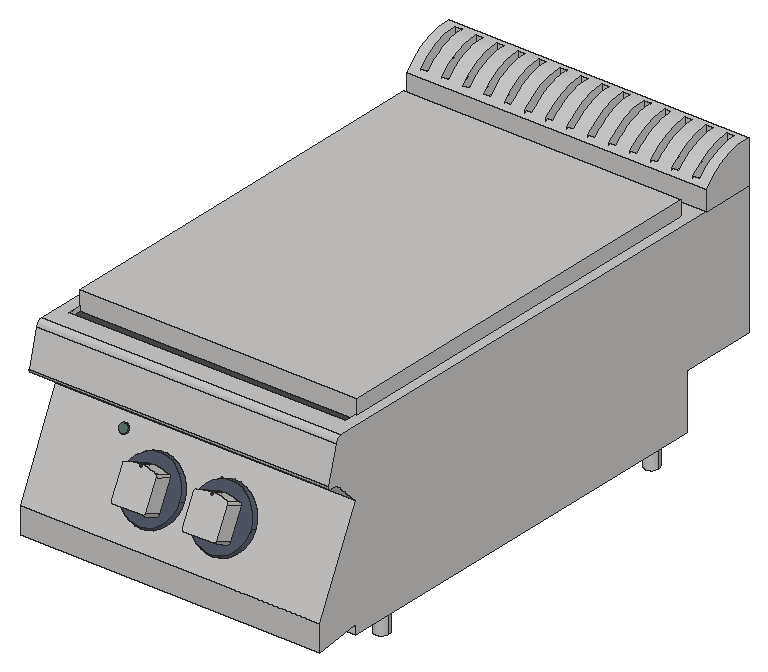
Revit family "QF_ZANUSSI_372027_Z7HOED2000", category Specialty Equipment, Revit 2018
Family settings
  Round Connector Dimension = Use Diameter
  Part Type = Normal
  Work Plane-Based = No
  Always vertical = Yes
  Cut with Voids When Loaded = No
  Shared = No
  Room Calculation Point = No
Parameters
  Width = 400.00 mm  # constant formula
  Weight in Pounds = 104  # constant formula
  Weight = 0.00 kg
  Watts = 5000 W  # constant formula
  Volts = 400 V  # constant formula
  URL Manufacturer = "http://www.zanussiprofessional.com"
  URL Cutsheet = "www.electrolux.com/foodservice"
  URL = "http://www.zanussiprofessional.com"
  Type Mark [instance] = ""
  Steam Supply Size = 0"
  Steam Supply Minimum Pressure = 0.00 psi
  Steam Supply Maximum Pressure = 0.00 psi
  Steam Pounds per Hour = 0
  Status [instance] = ""
  Specification by User [instance] = ""
  Specification by Manufacturer = ""
  Show Logo [instance] = yes
  Show Clearance [instance] = yes
  Serial Number = ""
  Seismic Rating = ""
  SMACNA No = ""
  Revision Code [instance] = ""
  Refrigeration Suction Line Size = 0"
  Refrigeration Liquid Line Size = 0"
  Refrigerant Compressor Remote = yes
  Phase = 3  # constant formula
  Omniclass Number and Title = ""
  Number of Poles [instance] = 1
  NAFEM Spec ID Number = ""
  Model = "Z7HOED2000"
  Min Ckt Ampacity = 0 A
  Max Overcurrent Protection = 0 A
  Masterspec = ""
  Manufacturer = "Zanussi"
  Length Actual = 400.00 mm  # constant formula
  Item Number [instance] = "372027"
  Installed By [instance] = ""
  Identify Quantity as Lot [instance] = yes
  Hot Water Size = 0"
  Height Actual = 250.00 mm  # constant formula
  Height = 332.00 mm  # constant formula
  HP = "6.7 HP"
  Gas Size = 0"
  Gas KW = 0
  Gas Input = 0.0 Btu/h
  Furnished By [instance] = ""
  Foodservice Equipment Identifier [instance] = yes
  FL Amps = 0 A
  Electrical Remarks [instance] = "400 V/3N ph/50/60 Hz"  # constant formula
  Electric Connection Type [instance] = ""
  Elec Conn RI Height [instance] = 0.00 mm
  Elec Conn Connection Height [instance] = 0.00 mm
  Direct Waste Size = 0"
  Description = "ELECTRIC HOB COOKING TOP 400 MM"
  Depth Actual = 700.00 mm  # constant formula
  Depth = 715.00 mm  # constant formula
  Cycle = if([60 Hertz Option], 60 Hz, 50 Hz)  # 60 Hz
  Conn Plug = ""
  Conn Conduit = yes
  Condensate Return Size = 0"
  Compressed Air Volume = 0 GPM
  Compressed Air Size = 0"
  Compressed Air Pressure = 0.00 psi
  Cold Water Size = 0"
  CSI MasterFormat = ""
  CSI Master Format = ""
  Base Height [instance] = 24.00 mm  # constant formula
  Apparent Power = if(Phase = 3, Volts * FL Amps * 1.73, Volts * FL Amps)  # 0 VA
  Accessory = yes
  60 Hertz Option = not([50 Hertz Option])  # yes
  50 Hertz Option = no
Reference planes
  plane 1 "BACK": y = 0
  plane 2: z = 0
  plane 3 "LEFT": x = 0
  plane 4 "RIGHT": x = 400
  plane 5 "FRONT": y = -715
  plane 6 "TOP": z = 332
  plane 7 "Center Y": x = 200
  plane 8 "Center X": y = -357.5
  plane 9 "BASE": z = 24
  plane 10 "TOP A": z = 274
  plane 11: y = -597.884
  plane 12: y = -147.637
  plane 13: y = -700
  plane 14 "panel": through (-6096, -715, 63.746) normal (0, 0.8956, -0.4448)
Forms (mm)
  Extrusion 1, solid, material "QF_Finishes_Stainless Steel"
    sketch origin (0, 0, 0) x (0, 1, 0) y (0, 0, 1)
      loop
        line (0, 98) -> (0, 274) -> (-679.358, 274)
        arc (-679.358, 274) -> (-684.643, 271.811) -> (-686.833, 266.526) r 7.474
        line (-686.833, 266.526) -> (-699.884, 221.011)
        arc (-699.884, 221.011) -> (-699.396, 218.379) -> (-697, 217.184) r 3
        line (-697, 217.184) -> (-686.802, 217.184) -> (-654.982, 185.364) -> (-715, 64.508) -> (-715, 29.508) -> (-658.645, 37.428)
        arc (-658.645, 37.428) -> (-656.101, 36.674) -> (-655, 34.259) r 3.2
        line (-655, 34.259) -> (-655, 24) -> (-103, 24) -> (-103, 98) -> (0, 98)
    from 0 to 400
  Extrusion 2, solid, material "QF_Finishes_Stainless Steel"
    sketch origin (0, 0, 0) x (0, 1, 0) y (0, 0, 1)
      loop
        line (0, 274) -> (0, 332)
        arc (0, 332) -> (-38.715, 323.821) -> (-69.85, 299.4) r 87.358
        line (-69.85, 299.4) -> (-69.85, 274) -> (0, 274)
    from 0 to 400
  Extrusion 3, void
    sketch origin (0, 0, 274) x (-1, 0, 0) y (0, -1, 0)
      loop
        line (-15, 93.262) -> (-15, 653.262) -> (-385.019, 653.262) -> (-385.019, 93.262) -> (-15, 93.262)
    from 0 to -6.35
  Extrusion 4, void
    sketch origin (0, 0, 274) x (-1, 0, 0) y (0, -1, 0)
      loop
        line (-13.453, 6.761) -> (-13.453, 63.911) -> (-22.749, 63.911) -> (-22.749, 6.761) -> (-13.453, 6.761)
    from 25.4 to 63.5
  Extrusion 5, void
    sketch origin (400.05, 0, 274) x (1, 0, 0) y (0, 1, 0)
      loop
        line (-13.503, -6.761) -> (-22.799, -6.761) -> (-22.799, -63.911) -> (-13.503, -63.911) -> (-13.503, -6.761)
    from 25.4 to 63.5
  Extrusion 6, void
    sketch origin (27.988, 0, 274) x (-1, 0, 0) y (0, -1, 0)
      loop
        line (-13.453, 6.761) -> (-13.453, 63.911) -> (-22.749, 63.911) -> (-22.749, 6.761) -> (-13.453, 6.761)
    from 25.4 to 63.5
  Extrusion 7, void
    sketch origin (55.977, 0, 274) x (-1, 0, 0) y (0, -1, 0)
      loop
        line (-13.453, 6.761) -> (-13.453, 63.911) -> (-22.749, 63.911) -> (-22.749, 6.761) -> (-13.453, 6.761)
    from 25.4 to 63.5
  Extrusion 8, void
    sketch origin (83.965, 0, 274) x (-1, 0, 0) y (0, -1, 0)
      loop
        line (-13.428, 6.761) -> (-13.428, 63.911) -> (-22.724, 63.911) -> (-22.724, 6.761) -> (-13.428, 6.761)
    from 25.4 to 63.5
  Extrusion 9, void
    sketch origin (111.953, 0, 274) x (-1, 0, 0) y (0, -1, 0)
      loop
        line (-13.428, 6.761) -> (-13.428, 63.911) -> (-22.724, 63.911) -> (-22.724, 6.761) -> (-13.428, 6.761)
    from 25.4 to 63.5
  Extrusion 10, void
    sketch origin (139.942, 0, 274) x (-1, 0, 0) y (0, -1, 0)
      loop
        line (-13.428, 6.761) -> (-13.428, 63.911) -> (-22.724, 63.911) -> (-22.724, 6.761) -> (-13.428, 6.761)
    from 25.4 to 63.5
  Extrusion 11, void
    sketch origin (167.93, 0, 274) x (-1, 0, 0) y (0, -1, 0)
      loop
        line (-13.428, 6.761) -> (-13.428, 63.911) -> (-22.724, 63.911) -> (-22.724, 6.761) -> (-13.428, 6.761)
    from 25.4 to 63.5
  Extrusion 12, void
    sketch origin (195.918, 0, 274) x (-1, 0, 0) y (0, -1, 0)
      loop
        line (-13.428, 6.761) -> (-13.428, 63.911) -> (-22.724, 63.911) -> (-22.724, 6.761) -> (-13.428, 6.761)
    from 25.4 to 63.5
  Extrusion 13, void
    sketch origin (223.907, 0, 274) x (-1, 0, 0) y (0, -1, 0)
      loop
        line (-13.428, 6.761) -> (-13.428, 63.911) -> (-22.724, 63.911) -> (-22.724, 6.761) -> (-13.428, 6.761)
    from 25.4 to 63.5
  Extrusion 14, void
    sketch origin (251.895, 0, 274) x (-1, 0, 0) y (0, -1, 0)
      loop
        line (-13.428, 6.761) -> (-13.428, 63.911) -> (-22.724, 63.911) -> (-22.724, 6.761) -> (-13.428, 6.761)
    from 25.4 to 63.5
  Extrusion 15, void
    sketch origin (279.884, 0, 274) x (-1, 0, 0) y (0, -1, 0)
      loop
        line (-13.403, 6.761) -> (-13.403, 63.911) -> (-22.699, 63.911) -> (-22.699, 6.761) -> (-13.403, 6.761)
    from 25.4 to 63.5
  Extrusion 16, void
    sketch origin (307.872, 0, 274) x (-1, 0, 0) y (0, -1, 0)
      loop
        line (-13.403, 6.761) -> (-13.403, 63.911) -> (-22.699, 63.911) -> (-22.699, 6.761) -> (-13.403, 6.761)
    from 25.4 to 63.5
  Extrusion 17, void
    sketch origin (335.86, 0, 274) x (-1, 0, 0) y (0, -1, 0)
      loop
        line (-13.403, 6.761) -> (-13.403, 63.911) -> (-22.699, 63.911) -> (-22.699, 6.761) -> (-13.403, 6.761)
    from 25.4 to 63.5
  Extrusion 18, solid, material "QF_Finishes_Stainless Steel"
    sketch origin (0, 0, 0) x (1, 0, 0) y (0, 1, 0)
      loop
        circle (11.112, -147.638) r 9.525
      loop
        circle (11.112, -597.884) r 9.525
      loop
        circle (388.887, -147.638) r 9.525
      loop
        circle (388.887, -597.884) r 9.525
    from 0 to 24
  Extrusion 19, solid, material "QF_Finishes_Stainless Steel"
    sketch origin (11.5, -101.6, 101.788) x (0, 0, -1) y (-1, 0, 0)
      loop
        circle (43.882, -336.5) r 12.7
    from -1.4 to 12.7
  Extrusion 20, solid, material "QF_Finishes_Clearance", visible <- "Show Clearance", detail levels coarse
    sketch origin (0, 0, 0) x (1, 0, 0) y (0, 1, 0)
      loop
        line (0, -715) -> (0, 0) -> (400, 0) -> (400, -715) -> (550.019, -715) -> (550.019, 150.019) -> (-150.019, 150.019) -> (-150.019, -715) -> (0, -715)
    from 0 to 332
  Extrusion 21, solid, material "QF_Finishes_Stainless Steel"
    sketch origin (0, 0, 267.65) x (-1, 0, 0) y (0, -1, 0)
      loop
        line (-15, 93.262) -> (-15, 635.002) -> (-385.019, 635.002) -> (-385.019, 93.262) -> (-15, 93.262)
    from 0 to 25.4
  Extrusion 22, solid, material "QF_Finishes_Stainless Steel"
    sketch origin (152.5, -684.991, 124.174) x (1, 0, 0) y (0, 0.444781, 0.895639)
      loop
        arc (-21.147, 22.789) -> (-22.494, 21.685) -> (-23, 20.019) r 2.997
        line (-23, 20.019) -> (-23, -20.019)
        arc (-23, -20.019) -> (-22.122, -22.138) -> (-20.003, -23.016) r 2.997
        line (-20.003, -23.016) -> (20.003, -23.016)
        arc (20.003, -23.016) -> (22.122, -22.138) -> (23, -20.019) r 2.997
        line (23, -20.019) -> (23, 20.019)
        arc (23, 20.019) -> (22.494, 21.685) -> (21.147, 22.789) r 2.997
        arc (21.147, 22.789) -> (0, 26.984) -> (-21.147, 22.789) r 55.4
    from 10 to 34
  Extrusion 23, solid, material "QF_Plastic-Black-Matte"
    sketch origin (232.5, -684.991, 124.174) x (0, 0.444781, 0.895639) y (0, -0.895639, 0.444781)
      loop
        line (26.984, 34) -> (26.984, 19) -> (27.984, 19) -> (27.984, 34)
        arc (27.984, 34) -> (27.691, 34.707) -> (26.984, 35) r 1
        line (26.984, 35) -> (23.984, 35) -> (23.984, 34) -> (26.984, 34)
    from -81 to -79
  Extrusion 24, solid, material "QF_Finishes_DarkGreen"
    sketch origin (152.5, -662.752, 168.956) x (1, 0, 0) y (0, 0.444781, 0.895639)
      loop
        circle (-55.001, 0) r 6
    from 0 to 1.6
  Extrusion 25, solid, material "QF_Finishes_Stainless Steel"
    sketch origin (152.5, -684.991, 124.174) x (1, 0, 0) y (0, 0.444781, 0.895639)
      loop
        line (17.5, 17.5) -> (-17.5, 17.5) -> (-17.5, -17.5) -> (17.5, -17.5) -> (17.5, 17.5)
    from 5 to 10
  Extrusion 26, solid, material "QF_Finishes_Stainless Steel"
    sketch origin (247.5, -684.991, 124.174) x (1, 0, 0) y (0, 0.444781, 0.895639)
      loop
        arc (-21.147, 22.789) -> (-22.494, 21.685) -> (-23, 20.019) r 2.997
        line (-23, 20.019) -> (-23, -20.019)
        arc (-23, -20.019) -> (-22.122, -22.138) -> (-20.003, -23.016) r 2.997
        line (-20.003, -23.016) -> (20.003, -23.016)
        arc (20.003, -23.016) -> (22.122, -22.138) -> (23, -20.019) r 2.997
        line (23, -20.019) -> (23, 20.019)
        arc (23, 20.019) -> (22.494, 21.685) -> (21.147, 22.789) r 2.997
        arc (21.147, 22.789) -> (0, 26.984) -> (-21.147, 22.789) r 55.4
    from 10 to 34
  Extrusion 27, solid, material "QF_Finishes_Stainless Steel"
    sketch origin (247.5, -684.991, 124.174) x (1, 0, 0) y (0, 0.444781, 0.895639)
      loop
        line (17.5, 17.5) -> (-17.5, 17.5) -> (-17.5, -17.5) -> (17.5, -17.5) -> (17.5, 17.5)
    from 5 to 10
  Extrusion 28, solid, material "QF_Plastic-Black-Matte"
    sketch origin (212.5, -684.991, 124.174) x (0, 0.444781, 0.895639) y (0, 0.895639, -0.444781)
      loop
        line (26.984, -34) -> (23.984, -34) -> (23.984, -35) -> (26.984, -35)
        arc (26.984, -35) -> (27.691, -34.707) -> (27.984, -34) r 1
        line (27.984, -34) -> (27.984, -19) -> (26.984, -19) -> (26.984, -34)
    from -36 to -34
  Blend 29, solid, material "QF_Finishes_Navy Blue"
    base sketch origin (152.5, -684.991, 124.174) x (1, 0, 0) y (0, 0.444781, 0.895639)
      loop
        circle (0, 0) r 42.5
    top sketch origin (152.5, -684.991, 124.174) x (1, 0, 0) y (0, 0.444781, 0.895639)
      loop
        circle (0, 0) r 40.5
    from 0 to 5
  Blend 30, solid, material "QF_Finishes_Navy Blue"
    base sketch origin (247.5, -684.991, 124.174) x (1, 0, 0) y (0, 0.444781, 0.895639)
      loop
        circle (0, 0) r 42.5
    top sketch origin (247.5, -684.991, 124.174) x (1, 0, 0) y (0, 0.444781, 0.895639)
      loop
        circle (0, 0) r 40.5
    from 0 to 5
Cuts and joins
  Extrusion 3, Extrusion 4 cuts Extrusion 1
  Extrusion 4, Extrusion 5, Extrusion 6, Extrusion 7, Extrusion 8, Extrusion 9, Extrusion 10, Extrusion 11, Extrusion 12, Extrusion 13, Extrusion 14, Extrusion 15, Extrusion 16, Extrusion 17 cuts Extrusion 2
Lines and regions (mm)
  Split face 1
    outline origin (152.401, -689.469, 126.397) x (1, 0, 0) y (0, 0.444781, 0.895639)
      loop
        line (-8.901, 38.561) -> (-8.901, 28.561) -> (-2.901, 28.561) -> (-2.901, 38.561) -> (-8.901, 38.561)
  Split face 2
    outline origin (152.401, -689.469, 126.397) x (1, 0, 0) y (0, 0.444781, 0.895639)
      loop
        line (-8.401, 38.061) -> (-8.401, 29.061) -> (-3.401, 29.061) -> (-3.401, 38.061) -> (-8.401, 38.061)
  Split face 3
    outline origin (152.401, -689.469, 126.397) x (1, 0, 0) y (0, 0.444781, 0.895639)
      loop
        line (-8.401, 34.061) -> (-3.401, 34.061)
  Split face 4
    outline origin (152.401, -689.469, 126.397) x (1, 0, 0) y (0, 0.444781, 0.895639)
      loop
        line (-8.401, 33.561) -> (-3.401, 33.561)
  Split face 5
    outline origin (152.401, -689.469, 126.397) x (1, 0, 0) y (0, 0.444781, 0.895639)
      loop
        circle (-5.901, 31.311) r 2.029
  Split face 6
    outline origin (152.5, -689.469, 126.397) x (0, -0.444781, -0.895639) y (1, 0, 0)
      loop
        circle (-34, 0) r 1.5
  Split face 7
    outline origin (247.5, -689.469, 126.397) x (0, -0.444781, -0.895639) y (1, 0, 0)
      loop
        circle (-34, 0) r 1.5
  Split face 8
    outline origin (241.5, -689.469, 126.397) x (1, 0, 0) y (0, 0.444781, 0.895639)
      loop
        line (-3, 38.561) -> (-3, 28.561) -> (3, 28.561) -> (3, 38.561) -> (-3, 38.561)
  Split face 9
    outline origin (241.5, -689.469, 126.397) x (1, 0, 0) y (0, 0.444781, 0.895639)
      loop
        line (-2.5, 38.061) -> (-2.5, 29.061) -> (2.5, 29.061) -> (2.5, 38.061) -> (-2.5, 38.061)
  Split face 10
    outline origin (241.5, -689.469, 126.397) x (1, 0, 0) y (0, 0.444781, 0.895639)
      loop
        line (-2.5, 33.561) -> (2.5, 33.561)
  Split face 11
    outline origin (241.5, -689.469, 126.397) x (1, 0, 0) y (0, 0.444781, 0.895639)
      loop
        line (-2.5, 33.061) -> (2.5, 33.061)
  Split face 12
    outline origin (241.5, -689.469, 126.397) x (1, 0, 0) y (0, 0.444781, 0.895639)
      loop
        circle (0, 35.811) r 2.031
  Split face 13
    outline origin (152.5, -689.469, 126.397) x (0.5, 0.385192, 0.775646) y (-0.866025, 0.222391, 0.44782)
      loop
        circle (-34, 0) r 1.5
  Split face 14
    outline origin (152.5, -689.469, 126.397) x (0.766044, -0.2859, -0.575706) y (0.642788, 0.340722, 0.686099)
      loop
        circle (-34, 0) r 1.5
  Split face 15
    outline origin (152.5, -689.469, 126.397) x (0.984808, 0.077235, 0.155526) y (-0.173648, 0.438024, 0.882032)
      loop
        circle (-34, 0) r 1.5
  Split face 16
    outline origin (152.5, -689.469, 126.397) x (0.984808, 0.077235, 0.155526) y (0.173648, -0.438024, -0.882032)
      loop
        circle (31.95, 11.629) r 1.5
  Split face 17
    outline origin (152.5, -689.469, 126.397) x (-0.5, 0.385192, 0.775646) y (0.866025, 0.222391, 0.44782)
      loop
        circle (-34, 0) r 1.5
  Split face 18
    outline origin (152.5, -689.469, 126.397) x (-0.766044, -0.2859, -0.575706) y (-0.642788, 0.340722, 0.686099)
      loop
        circle (-34, 0) r 1.5
  Split face 19
    outline origin (247.5, -689.469, 126.397) x (0.5, 0.385192, 0.775646) y (-0.866025, 0.222391, 0.44782)
      loop
        circle (-34, 0) r 1.5
  Split face 20
    outline origin (247.5, -689.469, 126.397) x (0.766044, -0.2859, -0.575706) y (0.642788, 0.340722, 0.686099)
      loop
        circle (-34, 0) r 1.5
  Split face 21
    outline origin (247.5, -689.469, 126.397) x (0.984808, 0.077235, 0.155526) y (-0.173648, 0.438024, 0.882032)
      loop
        circle (-34, 0) r 1.5
  Split face 22
    outline origin (247.5, -689.469, 126.397) x (-0.5, 0.385192, 0.775646) y (0.866025, 0.222391, 0.44782)
      loop
        circle (-34, 0) r 1.5
  Split face 23
    outline origin (247.5, -689.469, 126.397) x (-0.766044, -0.2859, -0.575706) y (-0.642788, 0.340722, 0.686099)
      loop
        circle (-34, 0) r 1.5
  Split face 24
    outline origin (247.5, -689.469, 126.397) x (-0.984808, 0.077235, 0.155526) y (0.173648, 0.438024, 0.882032)
      loop
        circle (-34, 0) r 1.5
  symbolic lines, style "QF-Clearances", visible <- "Show Clearance", detail levels coarse
    curve 1: line (-150.019, 150.019, 274) -> (-150.019, -716.377, 274)
    curve 2: line (550.019, 150.019, 274) -> (-150.019, 150.019, 274)
    curve 3: line (550.019, -716.377, 274) -> (550.019, 150.019, 274)
  symbolic lines
    curve 4: line (0, 0, 274) -> (400, 0, 274)
    curve 5: line (0, -715, 274) -> (0, 0, 274)
    curve 6: line (400, 0, 274) -> (400, -715, 274)
    curve 7: line (22.724, -6.761, 274) -> (22.724, -63.911, 274)
    curve 8: line (22.724, -63.911, 274) -> (13.428, -63.911, 274)
    curve 9: line (13.428, -63.911, 274) -> (13.428, -6.761, 274)
    curve 10: line (13.428, -6.761, 274) -> (22.724, -6.761, 274)
    curve 11: line (386.547, -6.761, 274) -> (386.547, -63.911, 274)
    curve 12: line (386.547, -63.911, 274) -> (377.251, -63.911, 274)
    curve 13: line (377.251, -63.911, 274) -> (377.251, -6.761, 274)
    curve 14: line (377.251, -6.761, 274) -> (386.547, -6.761, 274)
    curve 15: line (50.712, -6.761, 274) -> (50.712, -63.911, 274)
    curve 16: line (50.712, -63.911, 274) -> (41.416, -63.911, 274)
    curve 17: line (41.416, -63.911, 274) -> (41.416, -6.761, 274)
    curve 18: line (41.416, -6.761, 274) -> (50.712, -6.761, 274)
    curve 19: line (78.7, -6.761, 274) -> (78.7, -63.911, 274)
    curve 20: line (78.7, -63.911, 274) -> (69.405, -63.911, 274)
    curve 21: line (69.405, -63.911, 274) -> (69.405, -6.761, 274)
    curve 22: line (69.405, -6.761, 274) -> (78.7, -6.761, 274)
    curve 23: line (106.689, -6.761, 274) -> (106.689, -63.911, 274)
    curve 24: line (106.689, -63.911, 274) -> (97.393, -63.911, 274)
    curve 25: line (97.393, -63.911, 274) -> (97.393, -6.761, 274)
    curve 26: line (97.393, -6.761, 274) -> (106.689, -6.761, 274)
    curve 27: line (134.677, -6.761, 274) -> (134.677, -63.911, 274)
    curve 28: line (134.677, -63.911, 274) -> (125.381, -63.911, 274)
    curve 29: line (125.381, -63.911, 274) -> (125.381, -6.761, 274)
    curve 30: line (125.381, -6.761, 274) -> (134.677, -6.761, 274)
    curve 31: line (162.665, -6.761, 274) -> (162.665, -63.911, 274)
    curve 32: line (162.665, -63.911, 274) -> (153.37, -63.911, 274)
    curve 33: line (153.37, -63.911, 274) -> (153.37, -6.761, 274)
    curve 34: line (153.37, -6.761, 274) -> (162.665, -6.761, 274)
    curve 35: line (190.654, -6.761, 274) -> (190.654, -63.911, 274)
    curve 36: line (190.654, -63.911, 274) -> (181.358, -63.911, 274)
    curve 37: line (181.358, -63.911, 274) -> (181.358, -6.761, 274)
    curve 38: line (181.358, -6.761, 274) -> (190.654, -6.761, 274)
    curve 39: line (218.642, -6.761, 274) -> (218.642, -63.911, 274)
    curve 40: line (218.642, -63.911, 274) -> (209.346, -63.911, 274)
    curve 41: line (209.346, -63.911, 274) -> (209.346, -6.761, 274)
    curve 42: line (209.346, -6.761, 274) -> (218.642, -6.761, 274)
    curve 43: line (246.605, -6.761, 274) -> (246.605, -63.911, 274)
    curve 44: line (246.605, -63.911, 274) -> (237.31, -63.911, 274)
    curve 45: line (237.31, -63.911, 274) -> (237.31, -6.761, 274)
    curve 46: line (237.31, -6.761, 274) -> (246.605, -6.761, 274)
    curve 47: line (274.594, -6.761, 274) -> (274.594, -63.911, 274)
    curve 48: line (274.594, -63.911, 274) -> (265.298, -63.911, 274)
    curve 49: line (265.298, -63.911, 274) -> (265.298, -6.761, 274)
    curve 50: line (265.298, -6.761, 274) -> (274.594, -6.761, 274)
    curve 51: line (302.582, -6.761, 274) -> (302.582, -63.911, 274)
    curve 52: line (302.582, -63.911, 274) -> (293.286, -63.911, 274)
    curve 53: line (293.286, -63.911, 274) -> (293.286, -6.761, 274)
    curve 54: line (293.286, -6.761, 274) -> (302.582, -6.761, 274)
    curve 55: line (330.57, -6.761, 274) -> (330.57, -63.911, 274)
    curve 56: line (330.57, -63.911, 274) -> (321.275, -63.911, 274)
    curve 57: line (321.275, -63.911, 274) -> (321.275, -6.761, 274)
    curve 58: line (321.275, -6.761, 274) -> (330.57, -6.761, 274)
    curve 59: line (358.559, -6.761, 274) -> (358.559, -63.911, 274)
    curve 60: line (358.559, -63.911, 274) -> (349.263, -63.911, 274)
    curve 61: line (349.263, -63.911, 274) -> (349.263, -6.761, 274)
    curve 62: line (349.263, -6.761, 274) -> (358.559, -6.761, 274)
    curve 63: line (31.725, -69.85, 274) -> (0, -69.85, 274)
    curve 64: line (0, -69.85, 274) -> (0, -120.65, 274)
    curve 65: line (0, -69.85, 274) -> (400, -69.85, 274)
    curve 66: line (15, -653.262, 267.65) -> (15, -93.262, 267.65)
    curve 67: line (15, -93.262, 267.65) -> (385.019, -93.262, 267.65)
    curve 68: line (385.019, -93.262, 267.65) -> (385.019, -653.262, 267.65)
    curve 69: line (385.019, -653.262, 267.65) -> (15, -653.262, 267.65)
    curve 70: line (0, -700, 0) -> (400.05, -700, 0)
    curve 71: line (129.5, -700, 0) -> (129.5, -724.347, 0)
    curve 72: arc (129.5, -724.347, 0) -> (129.646, -724.811, 0) -> (130.032, -725.107, 0) r 0.809
    curve 73: arc (130.032, -725.107, 0) -> (131.22, -725.587, 0) -> (132.497, -725.68, 0) r 4.127
    curve 74: arc (129.5, -704.292, 0) -> (124.459, -702.458, 0) -> (119.691, -700, 0) r 42.24
    curve 75: arc (129.5, -706.539, 0) -> (130.002, -705.818, 0) -> (130.799, -705.448, 0) r 1.682
    curve 76: arc (130.799, -705.448, 0) -> (141.102, -703.95, 0) -> (151.5, -703.441, 0) r 109.079
    curve 77: line (151.5, -700, 0) -> (151.5, -705.671, 0)
    curve 78: line (151.5, -705.671, 0) -> (153.5, -705.671, 0)
    curve 79: line (153.5, -705.671, 0) -> (153.5, -700, 0)
    curve 80: line (175.5, -700, 0) -> (175.5, -724.347, 0)
    curve 81: arc (175.5, -724.347, 0) -> (175.354, -724.811, 0) -> (174.968, -725.107, 0) r 0.809
    curve 82: arc (174.968, -725.107, 0) -> (173.78, -725.587, 0) -> (172.503, -725.68, 0) r 4.127
    curve 83: arc (175.5, -704.292, 0) -> (180.541, -702.458, 0) -> (185.309, -700, 0) r 42.24
    curve 84: arc (175.5, -706.539, 0) -> (174.998, -705.818, 0) -> (174.201, -705.448, 0) r 1.682
    curve 85: arc (174.201, -705.448, 0) -> (163.898, -703.95, 0) -> (153.5, -703.441, 0) r 109.079
    curve 86: line (132.497, -725.68, 0) -> (172.503, -725.68, 0)
    curve 87: line (270.5, -700, 0) -> (270.5, -724.347, 0)
    curve 88: arc (270.5, -724.347, 0) -> (270.354, -724.811, 0) -> (269.968, -725.107, 0) r 0.809
    curve 89: arc (269.968, -725.107, 0) -> (268.78, -725.587, 0) -> (267.503, -725.68, 0) r 4.127
    curve 90: arc (270.5, -704.292, 0) -> (275.541, -702.458, 0) -> (280.309, -700, 0) r 42.24
    curve 91: arc (270.5, -706.539, 0) -> (269.998, -705.818, 0) -> (269.201, -705.448, 0) r 1.682
    curve 92: arc (269.201, -705.448, 0) -> (258.898, -703.95, 0) -> (248.5, -703.441, 0) r 109.079
    curve 93: line (248.5, -700, 0) -> (248.5, -705.671, 0)
    curve 94: line (248.5, -705.671, 0) -> (246.5, -705.671, 0)
    curve 95: line (246.5, -705.671, 0) -> (246.5, -700, 0)
    curve 96: line (224.5, -700, 0) -> (224.5, -724.347, 0)
    curve 97: arc (224.5, -724.347, 0) -> (224.646, -724.811, 0) -> (225.032, -725.107, 0) r 0.809
    curve 98: arc (225.032, -725.107, 0) -> (226.22, -725.587, 0) -> (227.497, -725.68, 0) r 4.127
    curve 99: arc (224.5, -704.292, 0) -> (219.459, -702.458, 0) -> (214.691, -700, 0) r 42.24
    curve 100: arc (224.5, -706.539, 0) -> (225.002, -705.818, 0) -> (225.799, -705.448, 0) r 1.682
    curve 101: arc (225.799, -705.448, 0) -> (236.102, -703.95, 0) -> (246.5, -703.441, 0) r 109.079
    curve 102: line (267.503, -725.68, 0) -> (227.497, -725.68, 0)
    curve 103: line (175.5, -715, 0) -> (224.5, -715, 0)
    curve 104: line (270.5, -715, 0) -> (400.05, -715, 0)
    curve 105: line (0, -715, 0) -> (129.5, -715, 0)
Dimensions and locks
  equal spacing: plane 3 "LEFT", plane 7 "Center Y", plane 4 "RIGHT"
  "Width": plane 3 "LEFT" to plane 4 "RIGHT"
  equal spacing: plane 5 "FRONT", plane 8 "Center X", plane 1 "BACK"
  "Depth": plane 5 "FRONT" to plane 1 "BACK"
  "Height": plane 6 "TOP" to level
  "Base Height": plane 9 "BASE" to level
  plane 1 "BACK" to plane 5 "FRONT" = 715.00 mm
  plane 10 "TOP A" to plane 9 "BASE" = 250.00 mm
  plane 1 "BACK" to plane 13 = 700.00 mm
  aligned and locked: level to plane 2
  aligned and locked: plane 4 "RIGHT" to Extrusion 1
  aligned and locked: plane 4 "RIGHT" to Extrusion 2
  aligned and locked: plane 9 "BASE" to Extrusion 18
  aligned and locked: plane 6 "TOP" to Extrusion 20
Automatic sketch dimensions
  Extrusion 2 sketch curve to plane 10 "TOP A" = 0.00 mm
  Extrusion 2 sketch curve to plane 1 "BACK" = 0.00 mm
  Extrusion 2 sketch curve to plane 6 "TOP" = 0.00 mm
  plane 1 "BACK" to Extrusion 2 sketch curve = 1.769 mm
  plane 10 "TOP A" to Extrusion 2 sketch curve = 25.40 mm
  plane 1 "BACK" to Extrusion 2 sketch curve = 69.85 mm
  plane 1 "BACK" to Extrusion 4 sketch curve = 6.761 mm
  plane 3 "LEFT" to Extrusion 4 sketch curve = 22.749 mm
  Extrusion 4 sketch curve to Extrusion 4 sketch curve = 9.296 mm
  Extrusion 4 sketch curve to Extrusion 4 sketch curve = 57.15 mm
  Extrusion 5 sketch curve to plane 1 "BACK" = 6.761 mm
  plane 4 "RIGHT" to Extrusion 5 sketch curve = 22.749 mm
  Extrusion 5 sketch curve to Extrusion 5 sketch curve = 9.296 mm
  Extrusion 5 sketch curve to Extrusion 5 sketch curve = 57.15 mm
  plane 1 "BACK" to Extrusion 6 sketch curve = 6.761 mm
  plane 3 "LEFT" to Extrusion 6 sketch curve = 50.737 mm
  Extrusion 6 sketch curve to Extrusion 6 sketch curve = 9.296 mm
  Extrusion 6 sketch curve to Extrusion 6 sketch curve = 57.15 mm
  plane 1 "BACK" to Extrusion 7 sketch curve = 6.761 mm
  plane 3 "LEFT" to Extrusion 7 sketch curve = 78.725 mm
  Extrusion 7 sketch curve to Extrusion 7 sketch curve = 9.296 mm
  Extrusion 7 sketch curve to Extrusion 7 sketch curve = 57.15 mm
  plane 1 "BACK" to Extrusion 8 sketch curve = 6.761 mm
  Extrusion 8 sketch curve to plane 7 "Center Y" = 93.311 mm
  Extrusion 8 sketch curve to Extrusion 8 sketch curve = 9.296 mm
  Extrusion 8 sketch curve to Extrusion 8 sketch curve = 57.15 mm
  plane 1 "BACK" to Extrusion 9 sketch curve = 6.761 mm
  Extrusion 9 sketch curve to plane 7 "Center Y" = 65.323 mm
  Extrusion 9 sketch curve to Extrusion 9 sketch curve = 9.296 mm
  Extrusion 9 sketch curve to Extrusion 9 sketch curve = 57.15 mm
  plane 1 "BACK" to Extrusion 10 sketch curve = 6.761 mm
  Extrusion 10 sketch curve to plane 7 "Center Y" = 37.335 mm
  Extrusion 10 sketch curve to Extrusion 10 sketch curve = 9.296 mm
  Extrusion 10 sketch curve to Extrusion 10 sketch curve = 57.15 mm
  Extrusion 11 sketch curve to plane 7 "Center Y" = 9.346 mm
  Extrusion 11 sketch curve to Extrusion 11 sketch curve = 9.296 mm
  plane 1 "BACK" to Extrusion 11 sketch curve = 6.761 mm
  Extrusion 11 sketch curve to Extrusion 11 sketch curve = 57.15 mm
  plane 1 "BACK" to Extrusion 12 sketch curve = 6.761 mm
  plane 7 "Center Y" to Extrusion 12 sketch curve = 18.642 mm
  Extrusion 12 sketch curve to Extrusion 12 sketch curve = 9.296 mm
  Extrusion 12 sketch curve to Extrusion 12 sketch curve = 57.15 mm
  plane 1 "BACK" to Extrusion 13 sketch curve = 6.761 mm
  plane 7 "Center Y" to Extrusion 13 sketch curve = 46.63 mm
  Extrusion 13 sketch curve to Extrusion 13 sketch curve = 9.296 mm
  Extrusion 13 sketch curve to Extrusion 13 sketch curve = 57.15 mm
  plane 1 "BACK" to Extrusion 14 sketch curve = 6.761 mm
  plane 7 "Center Y" to Extrusion 14 sketch curve = 74.619 mm
  Extrusion 14 sketch curve to Extrusion 14 sketch curve = 9.296 mm
  Extrusion 14 sketch curve to Extrusion 14 sketch curve = 57.15 mm
  plane 1 "BACK" to Extrusion 15 sketch curve = 6.761 mm
  Extrusion 15 sketch curve to plane 4 "RIGHT" = 97.418 mm
  Extrusion 15 sketch curve to Extrusion 15 sketch curve = 9.296 mm
  Extrusion 15 sketch curve to Extrusion 15 sketch curve = 57.15 mm
  plane 1 "BACK" to Extrusion 16 sketch curve = 6.761 mm
  Extrusion 16 sketch curve to plane 4 "RIGHT" = 69.43 mm
  Extrusion 16 sketch curve to Extrusion 16 sketch curve = 9.296 mm
  Extrusion 16 sketch curve to Extrusion 16 sketch curve = 57.15 mm
  plane 1 "BACK" to Extrusion 17 sketch curve = 6.761 mm
  Extrusion 17 sketch curve to plane 4 "RIGHT" = 41.441 mm
  Extrusion 17 sketch curve to Extrusion 17 sketch curve = 9.296 mm
  Extrusion 17 sketch curve to Extrusion 17 sketch curve = 57.15 mm
  plane 11 to Extrusion 18 sketch curve = 0.00 mm  (x2)
  plane 12 to Extrusion 18 sketch curve = 0.00 mm  (x2)
  plane 3 "LEFT" to Extrusion 18 sketch curve = 11.112 mm  (x2)
  Extrusion 18 sketch curve to plane 4 "RIGHT" = 11.113 mm  (x2)
  plane 1 "BACK" to Extrusion 20 sketch curve = 0.00 mm
  Extrusion 20 sketch curve to plane 3 "LEFT" = 0.00 mm
  Extrusion 20 sketch curve to plane 4 "RIGHT" = 0.00 mm
  Extrusion 20 sketch curve to plane 3 "LEFT" = 150.019 mm
  plane 5 "FRONT" to Extrusion 20 sketch curve = 0.00 mm  (x2)
  plane 4 "RIGHT" to Extrusion 20 sketch curve = 150.019 mm
  Extrusion 20 sketch curve to plane 1 "BACK" = 150.019 mm
  curve 65 to plane 4 "RIGHT" = 0.00 mm
  curve 5 to plane 3 "LEFT" = 0.00 mm
  curve 63 to plane 3 "LEFT" = 0.00 mm
  plane 1 "BACK" to curve 5 = 0.00 mm
  plane 5 "FRONT" to curve 6 = 0.00 mm
  plane 4 "RIGHT" to curve 3 = 150.019 mm
  curve 12 to plane 4 "RIGHT" = 13.453 mm
  curve 11 to curve 14 = 9.296 mm
  curve 12 to curve 59 = 18.693 mm
  curve 59 to curve 62 = 9.296 mm
  curve 60 to curve 55 = 18.693 mm
  curve 55 to curve 56 = 9.296 mm
  plane 1 "BACK" to curve 51 = 6.761 mm
  curve 57 to curve 51 = 18.693 mm
  curve 51 to curve 52 = 9.296 mm
  curve 52 to curve 47 = 18.693 mm
  curve 47 to curve 48 = 9.296 mm
  plane 1 "BACK" to curve 43 = 6.761 mm
  curve 49 to curve 43 = 18.693 mm
  curve 43 to curve 44 = 9.296 mm
  plane 7 "Center Y" to curve 39 = 18.642 mm
  curve 39 to curve 40 = 9.296 mm
  curve 36 to plane 7 "Center Y" = 9.346 mm
  curve 35 to curve 38 = 9.296 mm
  curve 36 to curve 32 = 18.693 mm
  curve 31 to curve 32 = 9.296 mm
  plane 1 "BACK" to curve 30 = 6.761 mm
  curve 33 to curve 30 = 18.693 mm
  curve 27 to curve 28 = 9.296 mm
  plane 1 "BACK" to curve 23 = 6.761 mm
  curve 29 to curve 23 = 18.693 mm
  curve 23 to curve 24 = 9.296 mm
  curve 24 to curve 20 = 18.693 mm
  curve 19 to curve 20 = 9.296 mm
  curve 20 to curve 15 = 18.693 mm
  curve 15 to curve 16 = 9.296 mm
  curve 16 to curve 63 = 9.691 mm
  plane 1 "BACK" to curve 10 = 6.761 mm
  curve 17 to curve 10 = 18.693 mm
  curve 7 to curve 9 = 9.296 mm
  plane 5 "FRONT" to curve 1 = 1.377 mm
  curve 1 to plane 3 "LEFT" = 150.019 mm
  curve 2 to plane 1 "BACK" = 150.019 mm
  plane 1 "BACK" to curve 61 = 6.761 mm
  plane 1 "BACK" to curve 58 = 6.761 mm
  plane 1 "BACK" to curve 11 = 6.761 mm
  plane 1 "BACK" to curve 15 = 6.761 mm
  plane 1 "BACK" to curve 50 = 6.761 mm
  plane 1 "BACK" to curve 19 = 6.761 mm
  plane 1 "BACK" to curve 42 = 6.761 mm
  plane 1 "BACK" to curve 38 = 6.761 mm
  plane 1 "BACK" to curve 31 = 6.761 mm
  curve 33 to curve 33 = 57.15 mm
  curve 29 to curve 32 = 0.00 mm
  curve 31 to curve 35 = 0.00 mm
  curve 25 to curve 28 = 0.00 mm
  curve 35 to curve 39 = 0.00 mm
  curve 21 to curve 24 = 0.00 mm
  curve 39 to curve 43 = 0.00 mm
  curve 17 to curve 20 = 0.00 mm
  curve 43 to curve 47 = 0.00 mm
  curve 13 to curve 13 = 57.15 mm
  curve 47 to curve 51 = 0.00 mm
  curve 9 to curve 16 = 0.00 mm
  curve 51 to curve 55 = 0.00 mm
  curve 55 to curve 61 = 0.00 mm
  curve 8 to curve 64 = 5.939 mm
  curve 11 to curve 65 = 5.939 mm
  curve 64 to plane 12 = 26.988 mm
  plane 5 "FRONT" to curve 3 = 1.377 mm
  Extrusion 21 sketch curve to Extrusion 3 = 0.00 mm  (x3)
  Extrusion 21 sketch curve to Extrusion 3 = 18.26 mm
  Extrusion 3 sketch curve to plane 4 "RIGHT" = 14.981 mm
  plane 3 "LEFT" to Extrusion 3 sketch curve = 15.00 mm
  Extrusion 3 sketch curve to plane 12 = 54.376 mm
  plane 11 to Extrusion 3 sketch curve = 55.377 mm
  plane 9 "BASE" to Extrusion 19 sketch curve = 33.906 mm
  Extrusion 19 sketch curve to plane 4 "RIGHT" = 52.00 mm
  plane 3 "LEFT" to Extrusion 22 sketch curve = 129.50 mm
  Extrusion 22 sketch curve to Extrusion 22 sketch curve = 2.997 mm  (x3)
  Extrusion 22 sketch curve to Extrusion 22 sketch curve = 20.003 mm  (x2)
  Extrusion 22 sketch curve to Extrusion 22 sketch curve = 40.005 mm
  Extrusion 22 sketch curve to Extrusion 22 sketch curve = 5.399 mm
  Extrusion 22 sketch curve to Extrusion 22 sketch curve = 40.037 mm
  Extrusion 22 sketch curve to Extrusion 22 sketch curve = 0.00 mm  (x2)
  Extrusion 23 sketch curve to plane 14 "panel" = 35.00 mm
  plane 13 to Extrusion 23 sketch curve = 5.671 mm
  Extrusion 23 sketch curve to Extrusion 23 sketch curve = 3.00 mm
  Extrusion 23 sketch curve to Extrusion 23 sketch curve = 0.00 mm  (x2)
  Extrusion 23 sketch curve to Extrusion 23 sketch curve = 1.00 mm
  Extrusion 23 sketch curve to Extrusion 23 sketch curve = 15.00 mm
  plane 3 "LEFT" to Extrusion 24 sketch curve = 97.499 mm
  plane 3 "LEFT" to Extrusion 25 sketch curve = 135.00 mm
  Extrusion 25 sketch curve to Extrusion 25 sketch curve = 35.00 mm  (x2)
  plane 3 "LEFT" to Extrusion 26 sketch curve = 224.50 mm
  Extrusion 26 sketch curve to Extrusion 26 sketch curve = 2.997 mm  (x3)
  plane 3 "LEFT" to Extrusion 26 sketch curve = 247.50 mm
  Extrusion 26 sketch curve to Extrusion 26 sketch curve = 20.003 mm
  plane 3 "LEFT" to Extrusion 26 sketch curve = 267.503 mm
  Extrusion 26 sketch curve to Extrusion 26 sketch curve = 5.399 mm
  Extrusion 26 sketch curve to Extrusion 26 sketch curve = 40.037 mm
  Extrusion 26 sketch curve to Extrusion 26 sketch curve = 0.00 mm  (x2)
  plane 3 "LEFT" to Extrusion 27 sketch curve = 230.00 mm
  plane 3 "LEFT" to Extrusion 27 sketch curve = 265.00 mm
  Extrusion 27 sketch curve to Extrusion 27 sketch curve = 35.00 mm
  Extrusion 28 sketch curve to plane 14 "panel" = 35.00 mm
  plane 13 to Extrusion 28 sketch curve = 5.671 mm
  Extrusion 28 sketch curve to Extrusion 28 sketch curve = 3.00 mm
  Extrusion 28 sketch curve to Extrusion 28 sketch curve = 0.00 mm
  Extrusion 28 sketch curve to Extrusion 28 sketch curve = 1.00 mm  (x2)
  Extrusion 28 sketch curve to Extrusion 28 sketch curve = 15.00 mm
  plane 3 "LEFT" to Blend 29 sketch curve = 152.50 mm  (x2)
  Split face 1 sketch curve to Split face 1 sketch curve = 6.00 mm
  Split face 1 sketch curve to Split face 1 sketch curve = 10.00 mm
  Split face 2 sketch curve to Split face 2 sketch curve = 5.00 mm
  Split face 2 sketch curve to Split face 2 sketch curve = 9.00 mm
  Split face 3 sketch curve to Split face 3 sketch curve = 5.00 mm
  Split face 4 sketch curve to Split face 4 sketch curve = 5.00 mm
  plane 3 "LEFT" to Blend 30 sketch curve = 247.50 mm  (x2)
  Split face 8 sketch curve to Split face 8 sketch curve = 6.00 mm
  Split face 8 sketch curve to Split face 8 sketch curve = 10.00 mm
  Split face 9 sketch curve to Split face 9 sketch curve = 5.00 mm
  Split face 9 sketch curve to Split face 9 sketch curve = 9.00 mm
  Split face 10 sketch curve to Split face 10 sketch curve = 5.00 mm
  Split face 11 sketch curve to Split face 11 sketch curve = 5.00 mm
  plane 5 "FRONT" to curve 5 = 0.00 mm
  curve 105 to plane 3 "LEFT" = 0.00 mm
  curve 70 to plane 3 "LEFT" = 0.00 mm
  curve 72 to curve 75 = 0.774 mm
  curve 72 to curve 73 = 1.846 mm
  curve 75 to curve 74 = 10.309 mm
  curve 76 to curve 85 = 1.738 mm
  curve 74 to curve 83 = 22.215 mm
  curve 82 to plane 7 "Center Y" = 27.154 mm
  curve 82 to curve 84 = 1.071 mm
  curve 82 to curve 81 = 1.846 mm
  plane 7 "Center Y" to curve 97 = 25.309 mm
  curve 97 to curve 100 = 0.774 mm
  curve 97 to curve 98 = 1.846 mm
  curve 100 to curve 99 = 10.309 mm
  plane 7 "Center Y" to curve 101 = 46.631 mm
  curve 101 to curve 92 = 1.738 mm
  curve 99 to curve 90 = 22.215 mm
  curve 89 to curve 91 = 1.071 mm
  plane 5 "FRONT" to curve 76 = 97.519 mm
  curve 76 to curve 85 = 0.00 mm
  curve 85 to curve 92 = 0.00 mm
  curve 101 to curve 92 = 0.00 mm
  curve 72 to curve 81 = 0.00 mm
  curve 97 to curve 88 = 0.00 mm
  curve 89 to curve 91 = 14.462 mm
  curve 73 to curve 75 = 14.462 mm
  curve 74 to curve 83 = 0.00 mm
  curve 99 to curve 90 = 0.00 mm
  curve 74 to curve 75 = 11.392 mm
  curve 72 to curve 72 = 0.809 mm
  curve 72 to curve 72 = 0.277 mm
  curve 75 to curve 75 = 0.284 mm
  curve 72 to curve 73 = 2.465 mm
  curve 75 to curve 77 = 20.417 mm
  curve 77 to curve 79 = 2.00 mm
  curve 86 to curve 81 = 2.189 mm
  curve 84 to curve 85 = 0.284 mm
  curve 81 to curve 81 = 0.277 mm
  curve 85 to curve 83 = 1.299 mm
  curve 80 to curve 83 = 9.809 mm
  curve 99 to curve 100 = 11.392 mm
  curve 97 to curve 97 = 0.277 mm
  curve 101 to curve 100 = 0.284 mm
  curve 98 to curve 98 = 2.465 mm
  curve 100 to curve 101 = 20.417 mm
  curve 95 to curve 93 = 2.00 mm
  curve 89 to curve 88 = 2.189 mm
  curve 91 to curve 92 = 0.284 mm
  curve 88 to curve 88 = 0.277 mm
  curve 92 to curve 90 = 1.299 mm
  curve 88 to curve 88 = 0.809 mm
  curve 87 to curve 90 = 9.809 mm
  plane 4 "RIGHT" to curve 70 = 0.05 mm
  plane 4 "RIGHT" to curve 104 = 0.05 mm
  curve 82 to curve 81 = 0.573 mm
  curve 98 to curve 97 = 0.573 mm
  curve 89 to curve 88 = 0.573 mm
  curve 73 to curve 105 = 6.567 mm
  curve 82 to curve 103 = 6.567 mm
  curve 87 to curve 104 = 9.347 mm
  curve 84 to curve 84 = 0.567 mm
  curve 100 to curve 100 = 0.567 mm
  curve 75 to curve 75 = 0.567 mm
  curve 91 to curve 91 = 0.567 mm
  curve 84 to curve 79 = 1.435 mm
  curve 100 to curve 95 = 1.435 mm
  curve 85 to curve 83 = 1.156 mm
  curve 101 to curve 99 = 1.156 mm
  curve 76 to curve 74 = 1.156 mm
  curve 92 to curve 90 = 1.156 mm
  curve 76 to curve 77 = 3.441 mm
  curve 83 to curve 80 = 4.292 mm
  curve 99 to curve 96 = 4.292 mm
  curve 90 to curve 87 = 4.292 mm
  curve 101 to curve 95 = 3.441 mm
  curve 74 to curve 71 = 4.292 mm
  Extrusion 3 to curve 68 = 0.00 mm
  curve 68 to Extrusion 3 = 0.00 mm
  curve 69 to Extrusion 3 = 0.00 mm
  curve 66 to Extrusion 3 = 0.00 mm
  plane 11 to Extrusion 1 sketch curve = 117.116 mm
  Extrusion 1 sketch curve to plane 6 "TOP" = 110.989 mm
  plane 11 to Extrusion 1 sketch curve = 101.999 mm
  Extrusion 1 sketch curve to Extrusion 1 sketch curve = 2.884 mm
  Extrusion 1 sketch curve to Extrusion 1 sketch curve = 13.051 mm
  Extrusion 1 sketch curve to plane 6 "TOP" = 114.816 mm
  Extrusion 1 sketch curve to Extrusion 1 sketch curve = 10.198 mm
  Extrusion 1 sketch curve to Extrusion 1 sketch curve = 7.474 mm
  Extrusion 1 sketch curve to Extrusion 1 sketch curve = 56.355 mm
  Extrusion 1 sketch curve to Extrusion 1 sketch curve = 0.445 mm
  Extrusion 1 sketch curve to Extrusion 1 sketch curve = 3.20 mm
  Extrusion 1 sketch curve to plane 6 "TOP" = 146.636 mm
  Extrusion 1 sketch curve to Extrusion 1 sketch curve = 31.82 mm
  plane 1 "BACK" to Extrusion 1 sketch curve = 103.00 mm
  Extrusion 1 sketch curve to plane 6 "TOP" = 58.00 mm
  Extrusion 1 sketch curve to plane 1 "BACK" = 0.00 mm
  Extrusion 1 sketch curve to plane 10 "TOP A" = 176.00 mm
  Extrusion 1 sketch curve to plane 10 "TOP A" = 209.492 mm
  Extrusion 1 sketch curve to Extrusion 1 sketch curve = 27.08 mm
  Extrusion 1 sketch curve to Extrusion 1 sketch curve = 35.00 mm
  Extrusion 1 sketch curve to Extrusion 1 sketch curve = 74.00 mm
  radius of Extrusion 18 sketch curve = 9.525 mm  (x4)
  radius of Extrusion 19 sketch curve = 12.70 mm
  radius of Extrusion 24 sketch curve = 6.00 mm
  radius of Blend 29 sketch curve = 42.50 mm
  radius of Blend 29 sketch curve = 40.50 mm
  radius of Split face 5 sketch curve = 2.029 mm
  radius of Split face 6 sketch curve = 1.50 mm
  radius of Blend 30 sketch curve = 42.50 mm
  radius of Blend 30 sketch curve = 40.50 mm
  radius of Split face 7 sketch curve = 1.50 mm
  radius of Split face 12 sketch curve = 2.031 mm
  radius of Split face 13 sketch curve = 1.50 mm
  radius of Split face 14 sketch curve = 1.50 mm
  radius of Split face 15 sketch curve = 1.50 mm
  radius of Split face 16 sketch curve = 1.50 mm
  radius of Split face 17 sketch curve = 1.50 mm
  radius of Split face 18 sketch curve = 1.50 mm
  radius of Split face 19 sketch curve = 1.50 mm
  radius of Split face 20 sketch curve = 1.50 mm
  radius of Split face 21 sketch curve = 1.50 mm
  radius of Split face 22 sketch curve = 1.50 mm
  radius of Split face 23 sketch curve = 1.50 mm
  radius of Split face 24 sketch curve = 1.50 mm
Connectors
  electrical at (348, -88.9, 57.906), driven by "Volts", driven by "Watts"
    settings: on Extrusion 19, index 1, voltage 400 V, apparent load 5000 VA, apparent load phase1 0 VA, apparent load phase2 0 VA, apparent load phase3 0 VA, power factor 1, load classification "Other", number of poles 1, system type 30, power factor state 1, is connector primary yes, connector utility no, sub classification motor no, connector description "Electrical Connection"
